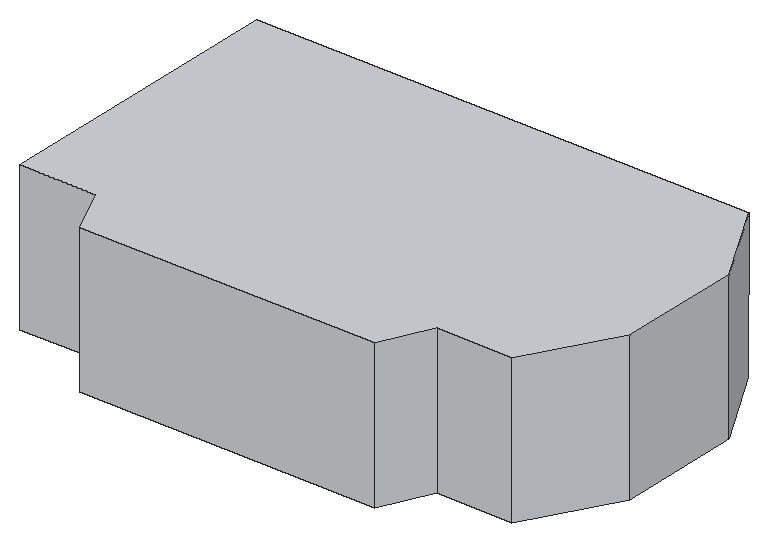
Revit family "M_Rectangular Tee with Transition", category Duct Fittings, Revit 2014
Parameters (values of type "Standard")
  Length 6 [instance] = Shoulder Length / 2  # 100 mm
  Length 2 [instance] = 100 mm
  Length 3 [instance] = (Length 6) * tan(Angle 1) + Duct Width 3 / 2  # 346.631 mm
  Duct Length 2 [instance] = Duct Length 1 + Length 2  # 600 mm
  Duct Width 2 [instance] = 250 mm
  Duct Width 3 [instance] = 600 mm
  Duct Width 1 [instance] = 600 mm
  Shoulder Length [instance] = 200 mm
  Half Width 1 [instance] = Duct Width 1 / 2  # 300 mm
  Duct Length 3 [instance] = Duct Width 1 / 2 + Length 6  # 400 mm
  Half Width 3 [instance] = Duct Width 3 / 2  # 300 mm
  Duct Length 1 [instance] = Half Width 3 + Shoulder Length  # 500 mm
  Duct Height [instance] = 300 mm
  Assembly Code = ""
  Angle 1 [instance] = 25.00°
Reference planes
  plane 1 "Center (Front/Back)": y = 0
  plane 2: z = 0
  plane 3 "Center (Left/Right)": x = 0
  plane 4: x = -500
  plane 5: x = 500
  plane 6: y = -400
  plane 7: x = -300
  plane 8: x = 300
  plane 9: x = -346.631
  plane 10: x = 346.631
  plane 11: z = 150
  plane 12: z = -150
  plane 13: y = 300
  plane 14: y = -300
  plane 15: x = 600
  plane 16: y = 125
  plane 17: y = -125
  plane 18: y = -127
  plane 19: y = 127
  plane 20: y = -127
  plane 21: y = 127
  plane 22: y = -304.8
  plane 23: y = 304.8
  plane 24: z = 152.4
  plane 25: z = -152.4
Forms (mm)
  Sweep 1, solid, detail levels medium+fine
    path in 3D
      loop
        line (-500, 0, 0) -> (0, 0, 0)
    profile "M_Duct - Rectangular : Duct - Rectangular" origin (-250, 0, 0) x (0, 1, 0) y (0, 0, 1)
      loop
        line (-300, 150) -> (-300, -150) -> (300, -150) -> (300, 150) -> (-300, 150)
  Sweep 2, solid, detail levels medium+fine
    path in 3D
      loop
        line (0, 0, 0) -> (500, 0, 0)
    profile "M_Duct - Rectangular : Duct - Rectangular" origin (250, 0, 0) x (0, 1, 0) y (0, 0, 1)
      loop
        line (-300, 150) -> (-300, -150) -> (300, -150) -> (300, 150) -> (-300, 150)
  Blend 3, solid, detail levels medium+fine
    base sketch origin (-643.049, -400, 1219.2) x (-1, 0, 0) y (0, 0, 1)
      loop
        line (-343.049, -1069.2) -> (-943.049, -1069.2) -> (-943.049, -1369.2) -> (-343.049, -1369.2) -> (-343.049, -1069.2)
    top sketch origin (-643.049, -400, 1219.2) x (-1, 0, 0) y (0, 0, 1)
      loop
        line (-296.418, -1069.2) -> (-989.68, -1069.2) -> (-989.68, -1369.2) -> (-296.418, -1369.2) -> (-296.418, -1069.2)
    from 0 to 100
  Blend 4, solid, detail levels medium+fine
    base sketch origin (600, 1066.8, 1219.2) x (0, 1, 0) y (0, 0, 1)
      loop
        line (-1191.8, -1069.2) -> (-1191.8, -1369.2) -> (-941.8, -1369.2) -> (-941.8, -1069.2) -> (-1191.8, -1069.2)
    top sketch origin (600, 1066.8, 1219.2) x (0, 1, 0) y (0, 0, 1)
      loop
        line (-1366.8, -1069.2) -> (-1366.8, -1369.2) -> (-766.8, -1369.2) -> (-766.8, -1069.2) -> (-1366.8, -1069.2)
    from 0 to -100
Cuts and joins
  joined: Sweep 1, Sweep 2, Blend 3, Blend 4
Lines and regions (mm)
  reference lines
    curve 1: line (-500, 0, 0) -> (0, 0, 0)
    curve 2: line (0, 0, 0) -> (500, 0, 0)
    curve 3: line (0, 0, 0) -> (0, -400, 0)
  sketch lines
    curve 4: line (-500, 0, 0) -> (0, 0, 0)
    curve 5: line (0, 0, 0) -> (500, 0, 0)
  model lines, style "DuctFitting", detail levels coarse
    curve 6: line (-500, 0, 0) -> (0, 0, 0)
    curve 7: line (0, 0, 0) -> (600, 0, 0)
    curve 8: line (0, 0, 0) -> (0, -400, 0)
Dimensions and locks
  equal spacing: plane 4, plane 3 "Center (Left/Right)", plane 5
  "Duct Length 1": plane 4 to plane 3 "Center (Left/Right)"
  "Duct Length 3": plane 6 to plane 1 "Center (Front/Back)"
  equal spacing: plane 7, plane 3 "Center (Left/Right)", plane 8
  "Duct Width 3": plane 7 to plane 8
  equal spacing: plane 9, plane 3 "Center (Left/Right)", plane 10
  "Length 3": plane 9 to plane 3 "Center (Left/Right)"
  equal spacing: plane 11, level, plane 12
  "Duct Height": plane 11 to plane 12
  equal spacing: plane 13, plane 1 "Center (Front/Back)", plane 14
  "Half Width 1": plane 13 to plane 1 "Center (Front/Back)"
  "Duct Length 2": plane 3 "Center (Left/Right)" to plane 15
  equal spacing: plane 16, plane 1 "Center (Front/Back)", plane 17
  "Duct Width 2": plane 16 to plane 17
  equal spacing: plane 18, plane 1 "Center (Front/Back)", plane 19
  equal spacing: plane 20, plane 1 "Center (Front/Back)", plane 21
  equal spacing: plane 22, plane 1 "Center (Front/Back)", plane 23
  equal spacing: plane 24, level, plane 25
  aligned and locked: plane 3 "Center (Left/Right)" to curve 1
  aligned and locked: plane 4 to curve 1
  aligned and locked: plane 1 "Center (Front/Back)" to curve 1
  aligned and locked: plane 5 to curve 2
  aligned and locked: plane 1 "Center (Front/Back)" to curve 2
  aligned and locked: plane 6 to curve 3
  aligned and locked: curve 6 to curve 1
  aligned and locked: curve 7 to curve 2
  aligned and locked: curve 8 to curve 3
  aligned and locked: Blend 3 sketch curve to plane 11  (x2)
  aligned and locked: plane 12 to Blend 3 sketch curve  (x2)
  aligned and locked: plane 7 to Blend 3 sketch curve
  aligned and locked: Blend 3 sketch curve to plane 8
  aligned and locked: plane 9 to Blend 3 sketch curve
  aligned and locked: Blend 3 sketch curve to plane 10
  aligned and locked: plane 14 to Blend 3
  aligned and locked: Blend 3 to plane 6
  aligned and locked: Blend 4 sketch curve to plane 16
  aligned and locked: plane 17 to Blend 4 sketch curve
  aligned and locked: Blend 4 sketch curve to plane 11  (x2)
  aligned and locked: plane 12 to Blend 4 sketch curve  (x2)
  aligned and locked: Blend 4 sketch curve to plane 13
  aligned and locked: plane 14 to Blend 4 sketch curve
  aligned and locked: Blend 4 to plane 15
  aligned and locked: Blend 4 to plane 5
  aligned and locked: plane 15 to curve 7
Automatic sketch dimensions
  curve 6 to plane 4 = 0 mm
  curve 8 to plane 6 = 0 mm
Connectors
  hvac at (-500, 0, 0), driven by "Duct Height", driven by "Duct Width 1"
    settings: on cut or joined group of Sweep 1, Sweep 2, Blend 3, Blend 4, index 1, duct flow 0.0 L/s, flow factor 0, pres drop 0.0 Pa, loss coef 0, conn angle 0.00°, conn width 600 mm, conn height 300 mm, conn diameter 609.6 mm, duct sys type 28, conn prof type 1, flow config 0, flow direction 0, loss method 0, conn ref index 2, conn util no, is conn primary yes, conn desc ""
  hvac at (600, 0, 0), driven by "Duct Height", driven by "Duct Width 2"
    settings: on Blend 4, index 2, duct flow 0.0 L/s, flow factor 0, pres drop 0.0 Pa, loss coef 0, conn angle 0.00°, conn width 250 mm, conn height 300 mm, conn diameter 609.6 mm, duct sys type 28, conn prof type 1, flow config 0, flow direction 0, loss method 0, conn ref index 1, conn util no, is conn primary no, conn desc ""
  hvac at (0, -400, 0), driven by "Duct Height", driven by "Duct Width 3"
    settings: on Blend 3, index 3, duct flow 0.0 L/s, flow factor 0, pres drop 0.0 Pa, loss coef 0, conn angle 0.00°, conn width 600 mm, conn height 300 mm, conn diameter 609.6 mm, duct sys type 28, conn prof type 1, flow config 0, flow direction 0, loss method 0, conn ref index -1, conn util no, is conn primary no, conn desc ""
